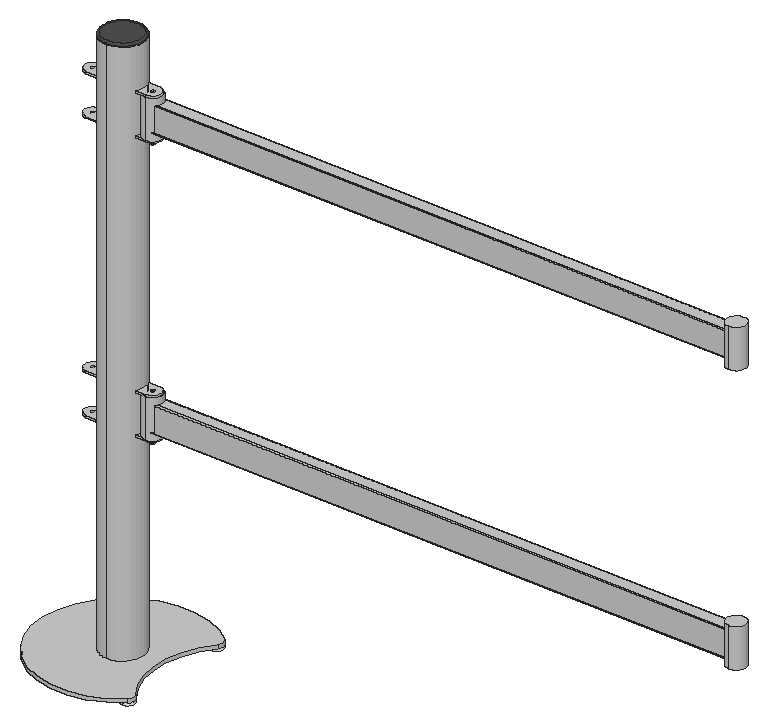
Revit family "PQR-441-ANC-ADD", category Furniture, Revit 2021
Family settings
  OmniClass Number = 23.40.20.00
  OmniClass Title = General Furniture and Specialties
  Work Plane-Based = No
  Always vertical = Yes
  Cut with Voids When Loaded = No
  Shared = No
  Room Calculation Point = No
Parameters
  W = 48.00"
  Frame [instance] = CEN_Frame_Metallic Silver Powdercoat (MS)
  Model = "PQR-441-ANC-ADD"
  End pieces on/off [instance] = no
  Default Elevation = 0.00"
Reference planes (in)
  plane 1 "Center Front/Back": y = 0
  plane 2: z = 0
  plane 3 "Center Left/Right": x = 0
  plane 4: x = -24
  plane 5: x = 24
  plane 6: x = -17.5
  plane 7: x = 17.5
  plane 8: x = 21.76551
  plane 9: x = -21.5
Forms (in)
  Extrusion 1, solid, material "CEN_Frame_Metallic Silver Powdercoat (MS)" <- "Frame"
    sketch origin (-23.29168, 0.50272, 36.0271) x (0, -1, 0) y (0, 0, 1)
      loop
        line (1, 0) -> (1, 1.78554)
        arc (1, 1.78554) -> (0.98091, 1.83163) -> (0.93482, 1.85072) r 0.06518
        line (0.93482, 1.85072) -> (0.06518, 1.85072)
        arc (0.06518, 1.85072) -> (0.01909, 1.83163) -> (0, 1.78554) r 0.06518
        line (0, 1.78554) -> (0, 0)
        arc (0, 0) -> (0.01909, -0.04609) -> (0.06518, -0.06518) r 0.06518
        line (0.06518, -0.06518) -> (0.93482, -0.06518)
        arc (0.93482, -0.06518) -> (0.98091, -0.04609) -> (1, 0) r 0.06518
      loop
        line (1, -20.08373) -> (1, -18.21446)
        arc (1, -18.21446) -> (0.98091, -18.16837) -> (0.93482, -18.14928) r 0.06518
        line (0.93482, -18.14928) -> (0.06518, -18.14928)
        arc (0.06518, -18.14928) -> (0.01909, -18.16837) -> (0, -18.21446) r 0.06518
        line (0, -18.21446) -> (0, -20.08373)
        arc (0, -20.08373) -> (0.01909, -20.12982) -> (0.06518, -20.14891) r 0.06518
        line (0.06518, -20.14891) -> (0.93482, -20.14891)
        arc (0.93482, -20.14891) -> (0.98091, -20.12982) -> (1, -20.08373) r 0.06518
    from -1.79168 to -45.05719
  Extrusion 2, solid, material "CEN_Frame_Metallic Silver Powdercoat (MS)" <- "Frame"
    sketch origin (23.29168, 0.43754, 37.87782) x (0, 1, 0) y (-1, 0, 0)
      loop
        circle (-0.43585, 1.52616) r 0.6875
    from -2.41438 to 0.44176
  Extrusion 3, solid, material "CEN_Frame_Metallic Silver Powdercoat (MS)" <- "Frame"
    sketch origin (23.29168, 0.43754, 37.87782) x (0, 1, 0) y (-1, 0, 0)
      loop
        circle (-0.43585, 1.52616) r 0.6875
    from -22.417 to -19.56085
Dimensions and locks (in)
  equal spacing: plane 4, plane 3 "Center Left/Right", plane 5
  "W": plane 4 to plane 5
  locked: plane 7 to plane 5 at 6.5
  locked: plane 6 to plane 4 at 6.5
  plane 4 to plane 9 = 2.50"
  locked: plane 8 to plane 5 at 2.23449
  aligned and locked: level to plane 2
  aligned and locked: plane 4 to nested 1
  aligned and locked: plane 8 to Extrusion 2
  aligned and locked: plane 8 to Extrusion 1
  aligned and locked: Extrusion 1 to plane 9
Automatic sketch dimensions
  Extrusion 1 sketch curve to plane 1 "Center Front/Back" = 0.50272"  (x2)
  Extrusion 1 sketch curve to Extrusion 1 sketch curve = 0.06518"  (x6)
  plane 1 "Center Front/Back" to Extrusion 1 sketch curve = 0.43209"  (x4)
  level to Extrusion 1 sketch curve = 15.87818"
  Extrusion 1 sketch curve to Extrusion 1 sketch curve = 1.86927"
  Extrusion 1 sketch curve to Extrusion 1 sketch curve = 18.08409"
  Extrusion 1 sketch curve to Extrusion 1 sketch curve = 1.78554"
  Extrusion 2 sketch curve to Extrusion 2 sketch curve = 0.00"  (x2)
  Extrusion 2 sketch curve to plane 1 "Center Front/Back" = 0.00169"
  plane 5 to Extrusion 2 sketch curve = 2.23449"
  plane 1 "Center Front/Back" to Extrusion 2 sketch curve = 0.68581"
  Extrusion 3 sketch curve to Extrusion 3 sketch curve = 0.00"  (x2)
  Extrusion 3 sketch curve to plane 1 "Center Front/Back" = 0.00169"
  plane 5 to Extrusion 3 sketch curve = 2.23449"
  plane 1 "Center Front/Back" to Extrusion 3 sketch curve = 0.68581"
Nested families (in)
  nested 1: "PQR-341-post " at (-24, 0, 0) x (0, 1, 0) z (0, 0, 1), END KIT <- "End pieces on/off", type "NOT END KIT"
Definition of nested family "PQR-341-post "
  Parameters (values of type "PQR-341-post ")
    plastic button = none
    Post = none
    END KIT [instance] = no
    Default Elevation = 0.00"
  Types (2): name
    PQR-341-post
    NOT END KIT
  Reference planes (in)
    plane 1 "Center Front/Back": y = 0
    plane 2: z = 0
    plane 3 "Center Left/Right": x = 0
    plane 4: z = 41.62154
    plane 5: z = 41.43404
    plane 6: z = 38.43918
    plane 7: z = 35.46343
    plane 8: z = 38.31958
    plane 9: z = 35.34626
    plane 10: z = 35.0779
    plane 11: z = 34.93741
    plane 12: z = 18.43657
    plane 13: z = 18.31697
    plane 14: z = 38.28685
    plane 15: z = 15.46357
    plane 16: z = 37.79482
    plane 17: z = 17.87782
    plane 18: z = 15.87818
  Forms (in)
    Extrusion 1, solid, material <- "Post"
      sketch origin (-0.02853, -0.08679, 0) x (1, 0, 0) y (0, 1, 0)
        loop
          arc (-3.79412, 4.14027) -> (-4.14981, 4.24664) -> (-4.48079, 4.07846) r 0.5
          arc (-4.48079, 4.07846) -> (0.03357, -5.88186) -> (4.53637, 4.0837) r 6.00161
          arc (4.53637, 4.0837) -> (4.20519, 4.25149) -> (3.84963, 4.14471) r 0.5
          arc (3.84963, 4.14471) -> (0.02853, 2.80874) -> (-3.79412, 4.14027) r 6.14269
      from 0.18657 to 0.43657
    Extrusion 2, solid, material <- "plastic button"
      sketch origin (0, 0, 0) x (1, 0, 0) y (0, 1, 0)
        loop
          circle (0, 0) r 1.5
      from 41.43404 to 41.62154
    Extrusion 3, solid, material <- "Post", visible <- "END KIT"
      sketch origin (0, 0, 0) x (1, 0, 0) y (0, 1, 0)
        loop
          circle (0.00169, -2.23449) r 0.6875
      from 35.46343 to 38.31958
    Extrusion 4, solid, material <- "Post"
      sketch origin (0, 0, 0) x (1, 0, 0) y (0, 1, 0)
        loop
          circle (0.00169, 2.23449) r 0.11265
        loop
          circle (0.00169, -2.23449) r 0.11265
        loop
          line (0.61497, -2.23449) -> (0.61497, 2.23449)
          arc (0.61497, 2.23449) -> (0.00169, 2.84777) -> (-0.61159, 2.23449) r 0.61328
          line (-0.61159, 2.23449) -> (-0.61159, -2.23449)
          arc (-0.61159, -2.23449) -> (0.00169, -2.84777) -> (0.61497, -2.23449) r 0.61328
      from 38.31958 to 38.43918
    Extrusion 5, solid, material <- "Post"
      sketch origin (0, 0, 0) x (1, 0, 0) y (0, 1, 0)
        loop
          circle (0.00169, 2.23449) r 0.11265
        loop
          circle (0.00169, -2.23449) r 0.11265
        loop
          line (0.61497, -2.23449) -> (0.61497, 2.23449)
          arc (0.61497, 2.23449) -> (0.00169, 2.84777) -> (-0.61159, 2.23449) r 0.61328
          line (-0.61159, 2.23449) -> (-0.61159, -2.23449)
          arc (-0.61159, -2.23449) -> (0.00169, -2.84777) -> (0.61497, -2.23449) r 0.61328
      from 35.34626 to 35.46343
    Extrusion 6, solid, material <- "Post"
      sketch origin (0, 0, 0) x (1, 0, 0) y (0, 1, 0)
        loop
          line (0.06349, 1.95369) -> (0.27562, 2.14947) -> (0.21213, 2.43108) -> (-0.06349, 2.5169) -> (-0.27562, 2.32111) -> (-0.21213, 2.0395) -> (0.06349, 1.95369)
        loop
          circle (0.00169, 2.23449) r 0.11265
      from 35.0779 to 35.34626
    Extrusion 7, solid, material <- "Post", visible <- "END KIT"
      sketch origin (0, 0, 0) x (1, 0, 0) y (0, 1, 0)
        loop
          circle (0.00169, -2.23449) r 0.11265
      from 34.93741 to 38.43918
    Sweep 8, void
      path in 3D
        loop
          arc (1.5, 0, 41.62154) -> (0, -1.5, 41.62154) -> (-1.5, 0, 41.62154) r 1.5
          arc (-1.5, 0, 41.62154) -> (0, 1.5, 41.62154) -> (1.5, 0, 41.62154) r 1.5
      profile origin (0, 1.5, 41.62154) x (0, 1, 0) y (0, 0, 1)
        loop
          line (0, -0.12486) -> (0.05983, -0.12486) -> (0.05983, 0) -> (-0.12486, 0)
          arc (-0.12486, 0) -> (-0.03657, -0.03657) -> (0, -0.12486) r 0.12486
    Extrusion 9, solid, material <- "Post"
      sketch origin (0, 0, 0) x (1, 0, 0) y (0, 1, 0)
        loop
          circle (0.00169, 2.23449) r 0.11265
      from 34.93741 to 38.43918
    Extrusion 10, solid, material <- "Post"
      sketch origin (0, 0, -20) x (1, 0, 0) y (0, 1, 0)
        loop
          circle (0.00169, 2.23449) r 0.11265
        loop
          circle (0.00169, -2.23449) r 0.11265
        loop
          line (0.61497, -2.23449) -> (0.61497, 2.23449)
          arc (0.61497, 2.23449) -> (0.00169, 2.84777) -> (-0.61159, 2.23449) r 0.61328
          line (-0.61159, 2.23449) -> (-0.61159, -2.23449)
          arc (-0.61159, -2.23449) -> (0.00169, -2.84777) -> (0.61497, -2.23449) r 0.61328
      from 38.31697 to 38.43657
    Extrusion 11, solid, material <- "Post"
      sketch origin (0, 0, -20) x (1, 0, 0) y (0, 1, 0)
        loop
          circle (0.00169, 2.23449) r 0.11265
        loop
          circle (0.00169, -2.23449) r 0.11265
        loop
          line (0.61497, -2.23449) -> (0.61497, 2.23449)
          arc (0.61497, 2.23449) -> (0.00169, 2.84777) -> (-0.61159, 2.23449) r 0.61328
          line (-0.61159, 2.23449) -> (-0.61159, -2.23449)
          arc (-0.61159, -2.23449) -> (0.00169, -2.84777) -> (0.61497, -2.23449) r 0.61328
      from 35.34365 to 35.46082
    Extrusion 12, solid, material <- "Post", visible <- "END KIT"
      sketch origin (0, 0, -20) x (1, 0, 0) y (0, 1, 0)
        loop
          circle (0.00169, -2.23449) r 0.11265
      from 34.9348 to 38.43657
    Extrusion 13, solid, material <- "Post"
      sketch origin (0, 0, -20) x (1, 0, 0) y (0, 1, 0)
        loop
          circle (0.00169, 2.23449) r 0.11265
      from 34.9348 to 38.43657
    Extrusion 14, solid
      sketch origin (-0.02853, -0.08679, 0) x (1, 0, 0) y (0, 1, 0)
        loop
          circle (-4.10805, 3.76384) r 0.48854
        loop
          circle (4.16511, 3.76384) r 0.48854
        loop
          circle (-3.62282, -3.98401) r 0.48854
        loop
          circle (3.67988, -3.98401) r 0.48854
      from 0 to 0.18657
    Extrusion 15, solid, material <- "Post"
      sketch origin (0, 0, 0) x (1, 0, 0) y (0, 1, 0)
        loop
          circle (0, 0) r 1.5
      from 0.43657 to 41.43404
    Extrusion 16, solid, material <- "Post", visible <- "END KIT"
      sketch origin (0, 0, 0) x (1, 0, 0) y (0, 1, 0)
        loop
          line (0.44955, -5.29168) -> (-0.44411, -5.29168)
          arc (-0.44411, -5.29168) -> (-0.4817, -5.30725) -> (-0.49728, -5.34485) r 0.05317
          line (-0.49728, -5.34485) -> (-0.49728, -7.23851)
          arc (-0.49728, -7.23851) -> (-0.4817, -7.27611) -> (-0.44411, -7.29168) r 0.05317
          line (-0.44411, -7.29168) -> (0.44955, -7.29168)
          arc (0.44955, -7.29168) -> (0.48715, -7.27611) -> (0.50272, -7.23851) r 0.05317
          line (0.50272, -7.23851) -> (0.50272, -5.34485)
          arc (0.50272, -5.34485) -> (0.48715, -5.30725) -> (0.44955, -5.29168) r 0.05317
      from 15.46357 to 38.28685
    Extrusion 17, solid, material <- "Post", visible <- "END KIT"
      sketch origin (0, 0, 0) x (1, 0, 0) y (0, 0, 1)
        loop
          line (-0.43209, 35.96191) -> (0.43754, 35.96191)
          arc (0.43754, 35.96191) -> (0.48363, 35.981) -> (0.50272, 36.0271) r 0.06518
          line (0.50272, 36.0271) -> (0.50272, 37.81264)
          arc (0.50272, 37.81264) -> (0.48363, 37.85873) -> (0.43754, 37.87782) r 0.06518
          line (0.43754, 37.87782) -> (-0.43209, 37.87782)
          arc (-0.43209, 37.87782) -> (-0.47818, 37.85873) -> (-0.49728, 37.81264) r 0.06518
          line (-0.49728, 37.81264) -> (-0.49728, 36.0271)
          arc (-0.49728, 36.0271) -> (-0.47818, 35.981) -> (-0.43209, 35.96191) r 0.06518
        loop
          line (-0.43209, 15.87818) -> (0.43754, 15.87818)
          arc (0.43754, 15.87818) -> (0.48363, 15.89727) -> (0.50272, 15.94336) r 0.06518
          line (0.50272, 15.94336) -> (0.50272, 17.81264)
          arc (0.50272, 17.81264) -> (0.48363, 17.85873) -> (0.43754, 17.87782) r 0.06518
          line (0.43754, 17.87782) -> (-0.43209, 17.87782)
          arc (-0.43209, 17.87782) -> (-0.47818, 17.85873) -> (-0.49728, 17.81264) r 0.06518
          line (-0.49728, 17.81264) -> (-0.49728, 15.94336)
          arc (-0.49728, 15.94336) -> (-0.47818, 15.89727) -> (-0.43209, 15.87818) r 0.06518
      from 2.63684 to 5.29168
    Extrusion 18, solid, material <- "Post"
      sketch origin (0, 0, 0) x (1, 0, 0) y (0, 1, 0)
        loop
          circle (0.00169, 2.23449) r 0.6875
      from 35.46343 to 38.31958
    Extrusion 19, solid, material <- "Post"
      sketch origin (0, 0, -20) x (1, 0, 0) y (0, 1, 0)
        loop
          circle (0.00169, 2.23449) r 0.6875
      from 35.46082 to 38.31697
    Extrusion 20, solid, material <- "Post", visible <- "END KIT"
      sketch origin (0, 0, -20) x (1, 0, 0) y (0, 1, 0)
        loop
          circle (0.00169, -2.23449) r 0.6875
      from 35.46082 to 38.31697
    Extrusion 21, solid, material <- "Post", visible <- "END KIT"
      sketch origin (0, 0, 0) x (1, 0, 0) y (0, 1, 0)
        loop
          line (0.06349, -1.95369) -> (-0.21213, -2.0395) -> (-0.27562, -2.32111) -> (-0.06349, -2.5169) -> (0.21213, -2.43108) -> (0.27562, -2.14947) -> (0.06349, -1.95369)
        loop
          circle (0.00169, -2.23449) r 0.11265
      from 35.0779 to 35.34626
    Extrusion 22, solid, material <- "Post"
      sketch origin (0, 0, -20.00261) x (1, 0, 0) y (0, 1, 0)
        loop
          line (0.06349, 1.95369) -> (0.27562, 2.14947) -> (0.21213, 2.43108) -> (-0.06349, 2.5169) -> (-0.27562, 2.32111) -> (-0.21213, 2.0395) -> (0.06349, 1.95369)
        loop
          circle (0.00169, 2.23449) r 0.11265
      from 35.0779 to 35.34626
    Extrusion 23, solid, material <- "Post", visible <- "END KIT"
      sketch origin (0, 0, -20.00261) x (1, 0, 0) y (0, 1, 0)
        loop
          line (0.06349, -1.95369) -> (-0.21213, -2.0395) -> (-0.27562, -2.32111) -> (-0.06349, -2.5169) -> (0.21213, -2.43108) -> (0.27562, -2.14947) -> (0.06349, -1.95369)
        loop
          circle (0.00169, -2.23449) r 0.11265
      from 35.0779 to 35.34626
  Cuts and joins
    Sweep 8 cuts Extrusion 2
    joined: Extrusion 3, Extrusion 17
  Lines and regions (in)
    sketch lines
      curve 1: arc (-1.5, 0, 41.62154) -> (0, 1.5, 41.62154) -> (1.5, 0, 41.62154) r 1.5
      curve 2: arc (1.5, 0, 41.62154) -> (0, -1.5, 41.62154) -> (-1.5, 0, 41.62154) r 1.5
  Dimensions and locks (in)
    plane 4 to level = 41.62154"
    locked: plane 4 to plane 5 at 0.1875
    plane 11 to plane 10 to plane 9 to plane 7 to plane 8 to plane 6 = 0.14049" locked, 0.26836" locked, 0.11717" locked, 2.85615" locked, 0.1196" locked
    locked: plane 7 to plane 4 at 6.15811
    locked: plane 14 to plane 15 at 22.82328
    locked: plane 14 to plane 6 at 0.15234
    aligned and locked: level to plane 2
    aligned and locked: plane 4 to Extrusion 2
    aligned and locked: Extrusion 14 to level
    aligned and locked: plane 5 to cut or joined group of Extrusion 2, Sweep 8
    aligned and locked: Extrusion 15 to plane 5
    aligned and locked: plane 5 to Extrusion 15
    aligned and locked: plane 6 to Extrusion 4
    aligned and locked: plane 7 to Extrusion 3  (x2)
    aligned and locked: plane 8 to Extrusion 3
    aligned and locked: plane 11 to Extrusion 7  (x2)
    aligned and locked: plane 11 to Extrusion 9
    aligned and locked: plane 10 to Extrusion 6
    aligned and locked: Extrusion 6 to plane 10
    aligned and locked: plane 9 to Extrusion 5
    aligned and locked: Extrusion 6 to plane 9
    aligned and locked: Extrusion 5 to plane 9  (x2)
    aligned and locked: Extrusion 5 to plane 7
    aligned and locked: plane 7 to Extrusion 5
    aligned and locked: plane 8 to Extrusion 4
    aligned and locked: Extrusion 4 to Extrusion 9
    aligned and locked: Extrusion 7 to plane 6
    aligned and locked: plane 12 to Extrusion 10
    aligned and locked: plane 14 to Extrusion 16
    aligned and locked: plane 15 to Extrusion 16
